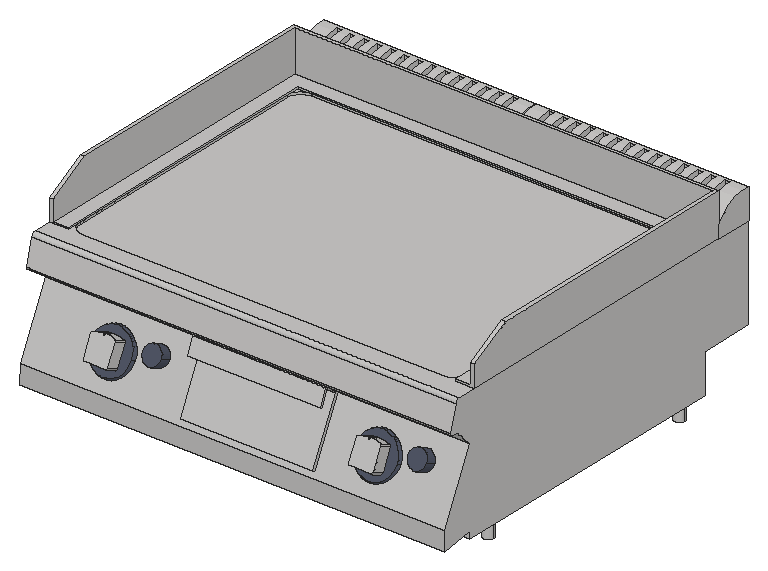
Revit family "QF_ZANUSSI_372038_Z7FTGHCS00", category Specialty Equipment, Revit 2018
Family settings
  Round Connector Dimension = Use Diameter
  Part Type = Normal
  Work Plane-Based = No
  Always vertical = Yes
  Cut with Voids When Loaded = No
  Shared = No
  Room Calculation Point = No
Parameters
  Width = 800 mm  # constant formula
  Weight in Pounds = 198  # constant formula
  Weight = 0.00 kg
  Watts = 0 W
  Volts = 0 V
  URL Manufacturer = "http://www.zanussiprofessional.com"
  URL Cutsheet = "www.electrolux.com/foodservice"
  URL = "http://www.zanussiprofessional.com"
  Type Mark [instance] = ""
  Steam Supply Size = 0"
  Steam Supply Minimum Pressure = 0.00 psi
  Steam Supply Maximum Pressure = 0.00 psi
  Steam Pounds per Hour = 0
  Status [instance] = ""
  Specification by User [instance] = ""
  Specification by Manufacturer = ""
  Show Logo [instance] = yes
  Show Clearance [instance] = yes
  Serial Number = ""
  Seismic Rating = ""
  SMACNA No = ""
  Revision Code [instance] = ""
  Refrigeration Suction Line Size = 0"
  Refrigeration Liquid Line Size = 0"
  Refrigerant Compressor Remote = yes
  Phase = 0
  Omniclass Number and Title = ""
  NAFEM Spec ID Number = ""
  Model = "Z7FTGHCS00"
  Mechanical Remarks = ""
  Mechanical Connection Type = ""
  Masterspec = ""
  Manufacturer = "Zanussi"
  Length Actual = 800 mm  # constant formula
  Item Number [instance] = "372038"
  Installed By [instance] = ""
  Identify Quantity as Lot [instance] = yes
  Hot Water Size = 0"
  Height Actual = 250 mm  # constant formula
  Height = 355 mm  # constant formula
  HP = "0 HP"
  Gas Size = 1/2"  # constant formula
  Gas RI Height [instance] = 0 mm
  Gas KW = 14  # constant formula
  Gas Input [instance] = 47726.0 Btu/h  # constant formula
  Gas Connection Height = 0 mm
  Furnished By [instance] = ""
  Foodservice Equipment Identifier [instance] = yes
  Direct Waste Size = 0"
  Description = "GAS FRY TOP-SMOOTH CHROME PLATE 800 MM"
  Depth Actual = 700 mm  # constant formula
  Depth = 715 mm  # constant formula
  Cycle = 0 Hz
  Condensate Return Size = 0"
  Compressed Air Volume = 0 GPM
  Compressed Air Size = 0"
  Compressed Air Pressure = 0.00 psi
  Cold Water Size = 0"
  CSI MasterFormat = ""
  CSI Master Format = ""
  Base Height [instance] = 24 mm  # constant formula
  Assembly Code = ""
  Accessory = yes
Reference planes
  plane 1 "BACK": y = 0
  plane 2: z = 0
  plane 3 "LEFT": x = 0
  plane 4 "RIGHT": x = 800
  plane 5 "FRONT": y = -715
  plane 6 "TOP": z = 288.925
  plane 7 "Center Y": x = 400
  plane 8 "Center X": y = -357.5
  plane 9 "BASE": z = 24
  plane 10 "TOP A": z = 274
  plane 11: y = -597.884
  plane 12: y = -147.637
  plane 13: z = 355
  plane 14: y = -700
  plane 15 "panel": through (-6096, -715, 65.146) normal (0, 0.8956, -0.4448)
Forms (mm)
  Extrusion 1, solid, material "QF_Finishes_Stainless Steel"
    sketch origin (0, 0, 0) x (0, 1, 0) y (0, 0, 1)
      loop
        line (0, 98) -> (0, 274) -> (-679.358, 274)
        arc (-679.358, 274) -> (-684.643, 271.811) -> (-686.833, 266.526) r 7.474
        line (-686.833, 266.526) -> (-699.884, 221.011)
        arc (-699.884, 221.011) -> (-699.396, 218.379) -> (-697, 217.184) r 3
        line (-697, 217.184) -> (-686.802, 217.184) -> (-654.982, 185.364) -> (-715, 64.508) -> (-715, 29.508) -> (-658.645, 37.428)
        arc (-658.645, 37.428) -> (-656.101, 36.674) -> (-655, 34.259) r 3.2
        line (-655, 34.259) -> (-655, 24) -> (-103, 24) -> (-103, 98) -> (0, 98)
    from 0 to 800
  Extrusion 2, void
    sketch origin (0, -2.381, 274) x (-1, 0, 0) y (0, -1, 0)
      loop
        arc (-60.425, 102.504) -> (-42.464, 109.943) -> (-35.025, 127.904) r 25.4
        line (-35.025, 127.904) -> (-35.025, 617.104)
        arc (-35.025, 617.104) -> (-42.464, 635.064) -> (-60.425, 642.504) r 25.4
        line (-60.425, 642.504) -> (-739.575, 642.504)
        arc (-739.575, 642.504) -> (-757.536, 635.064) -> (-764.975, 617.104) r 25.4
        line (-764.975, 617.104) -> (-764.975, 127.904)
        arc (-764.975, 127.904) -> (-757.536, 109.943) -> (-739.575, 102.504) r 25.4
        line (-739.575, 102.504) -> (-60.425, 102.504)
    from 0 to -3.2
  Extrusion 3, solid, material "QF_Finishes_Stainless Steel"
    sketch origin (0, 0, 0) x (1, 0, 0) y (0, 1, 0)
      loop
        circle (11.112, -147.638) r 9.525
      loop
        circle (11.112, -597.884) r 9.525
      loop
        circle (788.887, -147.638) r 9.525
      loop
        circle (788.887, -597.884) r 9.525
    from 0 to 24
  Extrusion 4, solid, material "QF_Finishes_Stainless Steel"
    sketch origin (0, -101.6, 101.6) x (0, 0, -1) y (-1, 0, 0)
      loop
        circle (43.694, -749.2) r 6.35
    from -1.4 to 3.175
  Extrusion 5, solid, material "QF_Finishes_Clearance", visible <- "Show Clearance", detail levels coarse
    sketch origin (0, 0, 0) x (1, 0, 0) y (0, 1, 0)
      loop
        line (0, -715) -> (0, 0) -> (800, 0) -> (800, -715) -> (950.019, -715) -> (950.019, 150.019) -> (-150.019, 150.019) -> (-150.019, -715) -> (0, -715)
    from 0 to 355
  Sweep 6, solid, material "QF_Finishes_Stainless Steel"
    path origin (0, -2.381, 274) x (-1, 0, 0) y (0, -1, 0)
      loop
        line (-764.975, 642.504) -> (-764.975, 102.504) -> (-35.025, 102.504) -> (-35.025, 642.504)
    profile origin (35.025, -374.885, 274) x (1, 0, 0) y (0, 0, 1)
      loop
        line (-35.025, 0) -> (0, 0) -> (0, 3.175) -> (-28.675, 3.175) -> (-28.675, 81) -> (-35.025, 81) -> (-35.025, 0)
  Extrusion 7, void
    sketch origin (0, -69.86, 274) x (0, 1, 0) y (0, 0, 1)
      loop
        line (-575.025, 41.119) -> (-501.995, 81) -> (-575.025, 81) -> (-575.025, 41.119)
    from 0 to 6.35
  Extrusion 8, void
    sketch origin (800, -644.885, 274) x (0, -1, 0) y (0, 0, 1)
      loop
        line (0, 41.119) -> (0, 81) -> (-73.03, 81) -> (0, 41.119)
    from 0 to 6.35
  Extrusion 9, solid, material "QF_Finishes_Stainless Steel"
    sketch origin (0, 0, 0) x (0, 1, 0) y (0, 0, 1)
      loop
        line (0, 274) -> (0, 331.492)
        arc (0, 331.492) -> (-38.8, 324.37) -> (-69.85, 300.038) r 82.447
        line (-69.85, 300.038) -> (-69.85, 274) -> (0, 274)
    from 0 to 400.05
  Extrusion 10, void
    sketch origin (0, 0, 274.638) x (0, -1, 0) y (1, 0, 0)
      loop
        line (6.761, 29.703) -> (63.911, 29.703) -> (63.911, 38.999) -> (6.761, 38.999) -> (6.761, 29.703)
      loop
        line (63.911, 64.487) -> (6.761, 64.487) -> (6.761, 55.191) -> (63.911, 55.191) -> (63.911, 64.487)
      loop
        line (63.911, 89.975) -> (6.761, 89.975) -> (6.761, 80.68) -> (63.911, 80.68) -> (63.911, 89.975)
      loop
        line (63.911, 115.464) -> (6.761, 115.464) -> (6.761, 106.168) -> (63.911, 106.168) -> (63.911, 115.464)
      loop
        line (63.911, 140.952) -> (6.761, 140.952) -> (6.761, 131.656) -> (63.911, 131.656) -> (63.911, 140.952)
      loop
        line (63.911, 166.44) -> (6.761, 166.44) -> (6.761, 157.145) -> (63.911, 157.145) -> (63.911, 166.44)
      loop
        line (63.911, 191.929) -> (6.761, 191.929) -> (6.761, 182.633) -> (63.911, 182.633) -> (63.911, 191.929)
      loop
        line (63.911, 217.417) -> (6.761, 217.417) -> (6.761, 208.121) -> (63.911, 208.121) -> (63.911, 217.417)
      loop
        line (63.911, 242.905) -> (6.761, 242.905) -> (6.761, 233.61) -> (63.911, 233.61) -> (63.911, 242.905)
      loop
        line (63.911, 268.394) -> (6.761, 268.394) -> (6.761, 259.098) -> (63.911, 259.098) -> (63.911, 268.394)
      loop
        line (63.911, 293.882) -> (6.761, 293.882) -> (6.761, 284.586) -> (63.911, 284.586) -> (63.911, 293.882)
      loop
        line (63.911, 319.37) -> (6.761, 319.37) -> (6.761, 310.075) -> (63.911, 310.075) -> (63.911, 319.37)
      loop
        line (63.911, 344.859) -> (6.761, 344.859) -> (6.761, 335.563) -> (63.911, 335.563) -> (63.911, 344.859)
      loop
        line (63.911, 370.347) -> (6.761, 370.347) -> (6.761, 361.051) -> (63.911, 361.051) -> (63.911, 370.347)
    from 25.4 to 63.5
  Extrusion 11, solid, material "QF_Finishes_Stainless Steel"
    sketch origin (400.05, 0, 0) x (0, 1, 0) y (0, 0, 1)
      loop
        line (0, 274) -> (0, 331.492)
        arc (0, 331.492) -> (-38.8, 324.37) -> (-69.85, 300.038) r 82.447
        line (-69.85, 300.038) -> (-69.85, 274) -> (0, 274)
    from 0 to 400.05
  Extrusion 12, void
    sketch origin (400.05, 0, 274.638) x (0, -1, 0) y (1, 0, 0)
      loop
        line (6.761, 29.653) -> (63.911, 29.653) -> (63.911, 38.949) -> (6.761, 38.949) -> (6.761, 29.653)
      loop
        line (63.911, 64.437) -> (6.761, 64.437) -> (6.761, 55.141) -> (63.911, 55.141) -> (63.911, 64.437)
      loop
        line (63.911, 89.925) -> (6.761, 89.925) -> (6.761, 80.63) -> (63.911, 80.63) -> (63.911, 89.925)
      loop
        line (63.911, 115.414) -> (6.761, 115.414) -> (6.761, 106.118) -> (63.911, 106.118) -> (63.911, 115.414)
      loop
        line (63.911, 140.902) -> (6.761, 140.902) -> (6.761, 131.606) -> (63.911, 131.606) -> (63.911, 140.902)
      loop
        line (63.911, 166.39) -> (6.761, 166.39) -> (6.761, 157.095) -> (63.911, 157.095) -> (63.911, 166.39)
      loop
        line (63.911, 191.879) -> (6.761, 191.879) -> (6.761, 182.583) -> (63.911, 182.583) -> (63.911, 191.879)
      loop
        line (63.911, 217.367) -> (6.761, 217.367) -> (6.761, 208.071) -> (63.911, 208.071) -> (63.911, 217.367)
      loop
        line (63.911, 242.855) -> (6.761, 242.855) -> (6.761, 233.56) -> (63.911, 233.56) -> (63.911, 242.855)
      loop
        line (63.911, 268.344) -> (6.761, 268.344) -> (6.761, 259.048) -> (63.911, 259.048) -> (63.911, 268.344)
      loop
        line (63.911, 293.832) -> (6.761, 293.832) -> (6.761, 284.536) -> (63.911, 284.536) -> (63.911, 293.832)
      loop
        line (63.911, 319.32) -> (6.761, 319.32) -> (6.761, 310.025) -> (63.911, 310.025) -> (63.911, 319.32)
      loop
        line (63.911, 344.809) -> (6.761, 344.809) -> (6.761, 335.513) -> (63.911, 335.513) -> (63.911, 344.809)
      loop
        line (63.911, 370.297) -> (6.761, 370.297) -> (6.761, 361.001) -> (63.911, 361.001) -> (63.911, 370.297)
    from 25.4 to 63.5
  Extrusion 13, solid, material "QF_Finishes_Stainless Steel"
    sketch origin (400, 0, 0) x (0, 1, 0) y (0, 0, 1)
      loop
        line (-655.161, 185.641) -> (-674.299, 204.778)
        arc (-674.299, 204.778) -> (-678.766, 206.181) -> (-682.47, 203.316) r 5.058
        line (-682.47, 203.316) -> (-695.132, 175.806) -> (-692.248, 174.479) -> (-679.586, 201.989)
        arc (-679.586, 201.989) -> (-678.207, 203.055) -> (-676.544, 202.533) r 1.883
        line (-676.544, 202.533) -> (-659.038, 185.028) -> (-712.559, 77.256) -> (-709.651, 75.918) -> (-655.161, 185.641)
    from -100 to 150
  Extrusion 14, solid, material "QF_Finishes_Drawer Clearance", visible <- "Show Clearance", detail levels coarse
    sketch origin (400, 0, 0) x (0, 1, 0) y (0, 0, 1)
      loop
        line (-778.814, 75.918) -> (-709.651, 75.918) -> (-655.161, 185.641) -> (-674.299, 204.778)
        arc (-674.299, 204.778) -> (-676.36, 206.027) -> (-678.766, 206.181) r 5.058
        line (-678.766, 206.181) -> (-747.93, 206.181)
        arc (-747.93, 206.181) -> (-750.133, 205.203) -> (-751.634, 203.316) r 5.058
        line (-751.634, 203.316) -> (-764.296, 175.806) -> (-761.412, 174.479) -> (-748.75, 201.989)
        arc (-748.75, 201.989) -> (-747.371, 203.055) -> (-745.708, 202.533) r 1.883
        line (-745.708, 202.533) -> (-728.202, 185.028) -> (-781.723, 77.256) -> (-778.814, 75.918)
    from -100 to 150
  Extrusion 15, solid, material "QF_Plastic-Black-Matte"
    sketch origin (592.6, -684.991, 125.574) x (0, 0.444781, 0.895639) y (0, 0.895639, -0.444781)
      loop
        line (26.984, -34) -> (23.984, -34) -> (23.984, -35) -> (26.984, -35)
        arc (26.984, -35) -> (27.691, -34.707) -> (27.984, -34) r 1
        line (27.984, -34) -> (27.984, -19) -> (26.984, -19) -> (26.984, -34)
    from -58.5 to -56.5
  Extrusion 16, solid, material "QF_Finishes_Stainless Steel"
    sketch origin (650.1, -684.991, 125.574) x (-1, 0, 0) y (0, -0.444781, -0.895639)
      loop
        line (17.6, -17.5) -> (17.6, 17.5) -> (-17.4, 17.5) -> (-17.4, -17.5) -> (17.6, -17.5)
    from 5 to 10
  Blend 17, solid, material "QF_Finishes_Navy Blue"
    base sketch origin (650.1, -684.991, 125.574) x (1, 0, 0) y (0, 0.444781, 0.895639)
      loop
        circle (-0.1, 0) r 42.5
    top sketch origin (650.1, -684.991, 125.574) x (1, 0, 0) y (0, 0.444781, 0.895639)
      loop
        circle (-0.1, 0) r 40.5
    from 0 to 5
  Extrusion 18, solid, material "QF_Finishes_Stainless Steel"
    sketch origin (650.1, -684.991, 125.574) x (-1, 0, 0) y (0, -0.444781, -0.895639)
      loop
        arc (-21.047, -22.789) -> (0.1, -26.984) -> (21.247, -22.789) r 55.4
        arc (21.247, -22.789) -> (22.594, -21.685) -> (23.1, -20.019) r 2.997
        line (23.1, -20.019) -> (23.1, 20.019)
        arc (23.1, 20.019) -> (22.222, 22.138) -> (20.103, 23.016) r 2.997
        line (20.103, 23.016) -> (-19.903, 23.016)
        arc (-19.903, 23.016) -> (-22.022, 22.138) -> (-22.9, 20.019) r 2.997
        line (-22.9, 20.019) -> (-22.9, -20.019)
        arc (-22.9, -20.019) -> (-22.394, -21.685) -> (-21.047, -22.789) r 2.997
    from 10 to 34
  Extrusion 19, solid, material "QF_Finishes_Navy Blue"
    sketch origin (789.101, -676.095, 143.486) x (1, 0, 0) y (0, 0.444781, 0.895639)
      loop
        circle (-55.101, 0) r 18
    from 3 to 23
  Extrusion 20, solid, material "QF_Finishes_Stainless Steel"
    sketch origin (650.1, -676.095, 143.486) x (1, 0, 0) y (0, 0.444781, 0.895639)
      loop
        circle (83.9, 0) r 15
    from 3 to 0
  Extrusion 21, solid, material "QF_Plastic-Black-Matte"
    sketch origin (92.5, -684.991, 125.574) x (0, 0.444781, 0.895639) y (0, 0.895639, -0.444781)
      loop
        line (26.984, -34) -> (23.984, -34) -> (23.984, -35) -> (26.984, -35)
        arc (26.984, -35) -> (27.691, -34.707) -> (27.984, -34) r 1
        line (27.984, -34) -> (27.984, -19) -> (26.984, -19) -> (26.984, -34)
    from -58.5 to -56.5
  Extrusion 22, solid, material "QF_Finishes_Stainless Steel"
    sketch origin (150, -684.991, 125.574) x (-1, 0, 0) y (0, -0.444781, -0.895639)
      loop
        line (17.5, -17.5) -> (17.5, 17.5) -> (-17.5, 17.5) -> (-17.5, -17.5) -> (17.5, -17.5)
    from 5 to 10
  Blend 23, solid, material "QF_Finishes_Navy Blue"
    base sketch origin (150, -684.991, 125.574) x (1, 0, 0) y (0, 0.444781, 0.895639)
      loop
        circle (0, 0) r 42.5
    top sketch origin (150, -684.991, 125.574) x (1, 0, 0) y (0, 0.444781, 0.895639)
      loop
        circle (0, 0) r 40.5
    from 0 to 5
  Extrusion 24, solid, material "QF_Finishes_Stainless Steel"
    sketch origin (150, -684.991, 125.574) x (-1, 0, 0) y (0, -0.444781, -0.895639)
      loop
        arc (-21.147, -22.789) -> (0, -26.984) -> (21.147, -22.789) r 55.4
        arc (21.147, -22.789) -> (22.494, -21.685) -> (23, -20.019) r 2.997
        line (23, -20.019) -> (23, 20.019)
        arc (23, 20.019) -> (22.122, 22.138) -> (20.003, 23.016) r 2.997
        line (20.003, 23.016) -> (-20.003, 23.016)
        arc (-20.003, 23.016) -> (-22.122, 22.138) -> (-23, 20.019) r 2.997
        line (-23, 20.019) -> (-23, -20.019)
        arc (-23, -20.019) -> (-22.494, -21.685) -> (-21.147, -22.789) r 2.997
    from 10 to 34
  Extrusion 25, solid, material "QF_Finishes_Navy Blue"
    sketch origin (289.001, -676.095, 143.486) x (1, 0, 0) y (0, 0.444781, 0.895639)
      loop
        circle (-55.051, 0) r 18
    from 3 to 23
  Extrusion 26, solid, material "QF_Finishes_Stainless Steel"
    sketch origin (150, -676.095, 143.486) x (1, 0, 0) y (0, 0.444781, 0.895639)
      loop
        circle (83.95, 0) r 15
    from 3 to 0
Cuts and joins
  Extrusion 2 cuts Extrusion 1
  Extrusion 7, Extrusion 8 cuts Sweep 6
  Extrusion 10 cuts Extrusion 9
  Extrusion 12 cuts Extrusion 11
Lines and regions (mm)
  Split face 1
    outline origin (656.001, -689.469, 127.797) x (1, 0, 0) y (0, 0.444781, 0.895639)
      loop
        line (-8.901, 38.561) -> (-8.901, 28.561) -> (-2.901, 28.561) -> (-2.901, 38.561) -> (-8.901, 38.561)
  Split face 2
    outline origin (656.001, -689.469, 127.797) x (1, 0, 0) y (0, 0.444781, 0.895639)
      loop
        line (-8.401, 38.061) -> (-8.401, 29.061) -> (-3.401, 29.061) -> (-3.401, 38.061) -> (-8.401, 38.061)
  Split face 3
    outline origin (656.001, -689.469, 127.797) x (1, 0, 0) y (0, 0.444781, 0.895639)
      loop
        line (-8.401, 33.561) -> (-3.401, 33.561)
  Split face 4
    outline origin (656.001, -689.469, 127.797) x (1, 0, 0) y (0, 0.444781, 0.895639)
      loop
        line (-8.401, 33.061) -> (-3.401, 33.061)
  Split face 5
    outline origin (656.001, -689.469, 127.797) x (1, 0, 0) y (0, 0.444781, 0.895639)
      loop
        circle (-5.901, 35.811) r 2.031
  Split face 6
    outline origin (650.1, -689.469, 127.797) x (1, 0, 0) y (0, 0.444781, 0.895639)
      loop
        circle (-24.487, 26.694) r 3.497
  Split face 7
    outline origin (650.1, -689.469, 127.797) x (1, 0, 0) y (0, 0.444781, 0.895639)
      loop
        circle (-33, 0) r 3
  Split face 8
    outline origin (650.1, -689.469, 127.797) x (1, 0, 0) y (0, 0.444781, 0.895639)
      loop
        circle (-17.8, -29.371) r 1.5
  Split face 9
    outline origin (155.901, -689.469, 127.797) x (1, 0, 0) y (0, 0.444781, 0.895639)
      loop
        line (-8.901, 38.561) -> (-8.901, 28.561) -> (-2.901, 28.561) -> (-2.901, 38.561) -> (-8.901, 38.561)
  Split face 10
    outline origin (155.901, -689.469, 127.797) x (1, 0, 0) y (0, 0.444781, 0.895639)
      loop
        line (-8.401, 38.061) -> (-8.401, 29.061) -> (-3.401, 29.061) -> (-3.401, 38.061) -> (-8.401, 38.061)
  Split face 11
    outline origin (155.901, -689.469, 127.797) x (1, 0, 0) y (0, 0.444781, 0.895639)
      loop
        line (-8.401, 33.561) -> (-3.401, 33.561)
  Split face 12
    outline origin (155.901, -689.469, 127.797) x (1, 0, 0) y (0, 0.444781, 0.895639)
      loop
        line (-8.401, 33.061) -> (-3.401, 33.061)
  Split face 13
    outline origin (155.901, -689.469, 127.797) x (1, 0, 0) y (0, 0.444781, 0.895639)
      loop
        circle (-5.901, 35.811) r 2.031
  Split face 14
    outline origin (150, -689.469, 127.797) x (1, 0, 0) y (0, 0.444781, 0.895639)
      loop
        circle (-24.487, 26.694) r 3.497
  Split face 15
    outline origin (150, -689.469, 127.797) x (1, 0, 0) y (0, 0.444781, 0.895639)
      loop
        circle (-33, 0) r 3
  Split face 16
    outline origin (150, -689.469, 127.797) x (1, 0, 0) y (0, 0.444781, 0.895639)
      loop
        circle (-17.8, -29.371) r 1.5
  symbolic lines, style "QF-Clearances", visible <- "Show Clearance", detail levels coarse
    curve 1: line (-150.019, 150.019, 274) -> (-150.019, -715, 274)
    curve 2: line (950.019, 150.019, 274) -> (-150.019, 150.019, 274)
    curve 3: line (950.019, -716.377, 274) -> (950.019, 150.019, 274)
  symbolic lines
    curve 4: line (0, 0, 274) -> (800, 0, 274)
    curve 5: line (0, -715, 274) -> (0, 0, 274)
    curve 6: line (800, 0, 274) -> (800, -715, 274)
    curve 7: line (35.025, -104.885, 274) -> (35.025, -644.885, 274)
    curve 8: arc (35.025, -619.485, 274) -> (42.464, -637.445, 274) -> (60.425, -644.885, 274) r 25.4
    curve 9: line (0, -644.885, 274) -> (35.025, -644.885, 274)
    curve 10: arc (739.215, -644.885, 274) -> (757.736, -637.213, 274) -> (765.407, -618.692, 274) r 26.193
    curve 11: line (765.407, -644.885, 274) -> (765.407, -104.885, 274)
    curve 12: line (765.407, -104.885, 274) -> (35.025, -104.885, 274)
    curve 13: line (0, -69.85, 274) -> (800, -69.85, 274)
    curve 14: arc (64.125, -104.885, 274) -> (43.548, -113.408, 274) -> (35.025, -133.985, 274) r 29.1
    curve 15: arc (739.863, -104.885, 274) -> (757.926, -112.367, 274) -> (765.407, -130.429, 274) r 25.544
    curve 16: line (6.35, -76.21, 274) -> (6.35, -644.885, 274)
    curve 17: line (6.35, -76.21, 274) -> (793.65, -76.21, 274)
    curve 18: line (793.65, -76.21, 274) -> (793.65, -644.885, 274)
    curve 19: line (765.407, -644.885, 274) -> (800, -644.885, 274)
    curve 20: line (60.425, -644.885, 274) -> (739.215, -644.885, 274)
    curve 24: line (0, 0, 274.638) -> (800, 0, 274.638)
    curve 25: line (0, -69.85, 274.638) -> (800, -69.85, 274.638)
    curve 26: line (29.703, -6.761, 0) -> (38.999, -6.761, 0)
    curve 27: line (29.703, -63.911, 0) -> (29.703, -6.761, 0)
    curve 28: line (38.999, -63.911, 0) -> (29.703, -63.911, 0)
    curve 29: line (38.999, -6.761, 0) -> (38.999, -63.911, 0)
    curve 30: line (55.191, -6.761, 0) -> (64.487, -6.761, 0)
    curve 31: line (55.191, -63.911, 0) -> (55.191, -6.761, 0)
    curve 32: line (64.487, -63.911, 0) -> (55.191, -63.911, 0)
    curve 33: line (64.487, -6.761, 0) -> (64.487, -63.911, 0)
    curve 34: line (80.68, -6.761, 0) -> (89.975, -6.761, 0)
    curve 35: line (80.68, -63.911, 0) -> (80.68, -6.761, 0)
    curve 36: line (89.975, -63.911, 0) -> (80.68, -63.911, 0)
    curve 37: line (89.975, -6.761, 0) -> (89.975, -63.911, 0)
    curve 38: line (106.168, -6.761, 0) -> (115.464, -6.761, 0)
    curve 39: line (106.168, -63.911, 0) -> (106.168, -6.761, 0)
    curve 40: line (115.464, -63.911, 0) -> (106.168, -63.911, 0)
    curve 41: line (115.464, -6.761, 0) -> (115.464, -63.911, 0)
    curve 42: line (131.656, -6.761, 0) -> (140.952, -6.761, 0)
    curve 43: line (131.656, -63.911, 0) -> (131.656, -6.761, 0)
    curve 44: line (140.952, -63.911, 0) -> (131.656, -63.911, 0)
    curve 45: line (140.952, -6.761, 0) -> (140.952, -63.911, 0)
    curve 46: line (157.145, -6.761, 0) -> (166.44, -6.761, 0)
    curve 47: line (157.145, -63.911, 0) -> (157.145, -6.761, 0)
    curve 48: line (166.44, -63.911, 0) -> (157.145, -63.911, 0)
    curve 49: line (166.44, -6.761, 0) -> (166.44, -63.911, 0)
    curve 50: line (182.633, -6.761, 0) -> (191.929, -6.761, 0)
    curve 51: line (182.633, -63.911, 0) -> (182.633, -6.761, 0)
    curve 52: line (191.929, -63.911, 0) -> (182.633, -63.911, 0)
    curve 53: line (191.929, -6.761, 0) -> (191.929, -63.911, 0)
    curve 54: line (208.121, -6.761, 0) -> (217.417, -6.761, 0)
    curve 55: line (208.121, -63.911, 0) -> (208.121, -6.761, 0)
    curve 56: line (217.417, -63.911, 0) -> (208.121, -63.911, 0)
    curve 57: line (217.417, -6.761, 0) -> (217.417, -63.911, 0)
    curve 58: line (233.61, -6.761, 0) -> (242.905, -6.761, 0)
    curve 59: line (233.61, -63.911, 0) -> (233.61, -6.761, 0)
    curve 60: line (242.905, -63.911, 0) -> (233.61, -63.911, 0)
    curve 61: line (242.905, -6.761, 0) -> (242.905, -63.911, 0)
    curve 62: line (259.098, -6.761, 0) -> (268.394, -6.761, 0)
    curve 63: line (259.098, -63.911, 0) -> (259.098, -6.761, 0)
    curve 64: line (268.394, -63.911, 0) -> (259.098, -63.911, 0)
    curve 65: line (268.394, -6.761, 0) -> (268.394, -63.911, 0)
    curve 66: line (284.586, -6.761, 0) -> (293.882, -6.761, 0)
    curve 67: line (284.586, -63.911, 0) -> (284.586, -6.761, 0)
    curve 68: line (293.882, -63.911, 0) -> (284.586, -63.911, 0)
    curve 69: line (293.882, -6.761, 0) -> (293.882, -63.911, 0)
    curve 70: line (310.075, -6.761, 0) -> (319.37, -6.761, 0)
    curve 71: line (310.075, -63.911, 0) -> (310.075, -6.761, 0)
    curve 72: line (319.37, -63.911, 0) -> (310.075, -63.911, 0)
    curve 73: line (319.37, -6.761, 0) -> (319.37, -63.911, 0)
    curve 74: line (335.563, -6.761, 0) -> (344.859, -6.761, 0)
    curve 75: line (335.563, -63.911, 0) -> (335.563, -6.761, 0)
    curve 76: line (344.859, -63.911, 0) -> (335.563, -63.911, 0)
    curve 77: line (344.859, -6.761, 0) -> (344.859, -63.911, 0)
    curve 78: line (361.051, -6.761, 0) -> (370.347, -6.761, 0)
    curve 79: line (361.051, -63.911, 0) -> (361.051, -6.761, 0)
    curve 80: line (370.347, -63.911, 0) -> (361.051, -63.911, 0)
    curve 81: line (370.347, -6.761, 0) -> (370.347, -63.911, 0)
    curve 82: line (400, 0, 0) -> (400, -69.85, 0)
    curve 83: line (770.347, -6.761, 0) -> (761.051, -6.761, 0)
    curve 84: line (770.347, -63.911, 0) -> (770.347, -6.761, 0)
    curve 85: line (761.051, -63.911, 0) -> (770.347, -63.911, 0)
    curve 86: line (761.051, -6.761, 0) -> (761.051, -63.911, 0)
    curve 87: line (744.859, -6.761, 0) -> (735.563, -6.761, 0)
    curve 88: line (744.859, -63.911, 0) -> (744.859, -6.761, 0)
    curve 89: line (735.563, -63.911, 0) -> (744.859, -63.911, 0)
    curve 90: line (735.563, -6.761, 0) -> (735.563, -63.911, 0)
    curve 91: line (719.37, -6.761, 0) -> (710.075, -6.761, 0)
    curve 92: line (719.37, -63.911, 0) -> (719.37, -6.761, 0)
    curve 93: line (710.075, -63.911, 0) -> (719.37, -63.911, 0)
    curve 94: line (710.075, -6.761, 0) -> (710.075, -63.911, 0)
    curve 95: line (693.882, -6.761, 0) -> (684.586, -6.761, 0)
    curve 96: line (693.882, -63.911, 0) -> (693.882, -6.761, 0)
    curve 97: line (684.586, -63.911, 0) -> (693.882, -63.911, 0)
    curve 98: line (684.586, -6.761, 0) -> (684.586, -63.911, 0)
    curve 99: line (668.394, -6.761, 0) -> (659.098, -6.761, 0)
    curve 100: line (668.394, -63.911, 0) -> (668.394, -6.761, 0)
    curve 101: line (659.098, -63.911, 0) -> (668.394, -63.911, 0)
    curve 102: line (659.098, -6.761, 0) -> (659.098, -63.911, 0)
    curve 103: line (642.905, -6.761, 0) -> (633.61, -6.761, 0)
    curve 104: line (642.905, -63.911, 0) -> (642.905, -6.761, 0)
    curve 105: line (633.61, -63.911, 0) -> (642.905, -63.911, 0)
    curve 106: line (633.61, -6.761, 0) -> (633.61, -63.911, 0)
    curve 107: line (617.417, -6.761, 0) -> (608.121, -6.761, 0)
    curve 108: line (617.417, -63.911, 0) -> (617.417, -6.761, 0)
    curve 109: line (608.121, -63.911, 0) -> (617.417, -63.911, 0)
    curve 110: line (608.121, -6.761, 0) -> (608.121, -63.911, 0)
    curve 111: line (591.929, -6.761, 0) -> (582.633, -6.761, 0)
    curve 112: line (591.929, -63.911, 0) -> (591.929, -6.761, 0)
    curve 113: line (582.633, -63.911, 0) -> (591.929, -63.911, 0)
    curve 114: line (582.633, -6.761, 0) -> (582.633, -63.911, 0)
    curve 115: line (566.44, -6.761, 0) -> (557.145, -6.761, 0)
    curve 116: line (566.44, -63.911, 0) -> (566.44, -6.761, 0)
    curve 117: line (557.145, -63.911, 0) -> (566.44, -63.911, 0)
    curve 118: line (557.145, -6.761, 0) -> (557.145, -63.911, 0)
    curve 119: line (540.952, -6.761, 0) -> (531.656, -6.761, 0)
    curve 120: line (540.952, -63.911, 0) -> (540.952, -6.761, 0)
    curve 121: line (531.656, -63.911, 0) -> (540.952, -63.911, 0)
    curve 122: line (531.656, -6.761, 0) -> (531.656, -63.911, 0)
    curve 123: line (515.464, -6.761, 0) -> (506.168, -6.761, 0)
    curve 124: line (515.464, -63.911, 0) -> (515.464, -6.761, 0)
    curve 125: line (506.168, -63.911, 0) -> (515.464, -63.911, 0)
    curve 126: line (506.168, -6.761, 0) -> (506.168, -63.911, 0)
    curve 127: line (489.975, -6.761, 0) -> (480.68, -6.761, 0)
    curve 128: line (489.975, -63.911, 0) -> (489.975, -6.761, 0)
    curve 129: line (480.68, -63.911, 0) -> (489.975, -63.911, 0)
    curve 130: line (480.68, -6.761, 0) -> (480.68, -63.911, 0)
    curve 131: line (464.487, -6.761, 0) -> (455.191, -6.761, 0)
    curve 132: line (464.487, -63.911, 0) -> (464.487, -6.761, 0)
    curve 133: line (455.191, -63.911, 0) -> (464.487, -63.911, 0)
    curve 134: line (455.191, -6.761, 0) -> (455.191, -63.911, 0)
    curve 135: line (438.999, -6.761, 0) -> (429.703, -6.761, 0)
    curve 136: line (438.999, -63.911, 0) -> (438.999, -6.761, 0)
    curve 137: line (429.703, -63.911, 0) -> (438.999, -63.911, 0)
    curve 138: line (429.703, -6.761, 0) -> (429.703, -63.911, 0)
    curve 139: line (0, -700, 0) -> (800, -700, 0)
    curve 140: line (673, -700, 0) -> (673, -724.347, 0)
    curve 141: arc (673, -724.347, 0) -> (672.854, -724.811, 0) -> (672.468, -725.107, 0) r 0.809
    curve 142: arc (672.468, -725.107, 0) -> (671.28, -725.587, 0) -> (670.003, -725.68, 0) r 4.127
    curve 143: arc (673, -704.292, 0) -> (678.041, -702.458, 0) -> (682.809, -700, 0) r 42.24
    curve 144: arc (673, -706.539, 0) -> (672.498, -705.818, 0) -> (671.701, -705.448, 0) r 1.682
    curve 145: arc (671.701, -705.448, 0) -> (661.398, -703.95, 0) -> (651, -703.441, 0) r 109.079
    curve 146: line (651, -700, 0) -> (651, -705.671, 0)
    curve 147: line (651, -705.671, 0) -> (649, -705.671, 0)
    curve 148: line (649, -705.671, 0) -> (649, -700, 0)
    curve 149: line (627, -700, 0) -> (627, -724.347, 0)
    curve 150: arc (627, -724.347, 0) -> (627.146, -724.811, 0) -> (627.532, -725.107, 0) r 0.809
    curve 151: arc (627.532, -725.107, 0) -> (628.72, -725.587, 0) -> (629.997, -725.68, 0) r 4.127
    curve 152: arc (627, -704.292, 0) -> (621.959, -702.458, 0) -> (617.191, -700, 0) r 42.24
    curve 153: arc (627, -706.539, 0) -> (627.502, -705.818, 0) -> (628.299, -705.448, 0) r 1.682
    curve 154: arc (628.299, -705.448, 0) -> (638.602, -703.95, 0) -> (649, -703.441, 0) r 109.079
    curve 155: line (670.003, -725.68, 0) -> (629.997, -725.68, 0)
    curve 156: line (173, -715, 0) -> (627, -715, 0)
    curve 157: line (673, -715, 0) -> (800, -715, 0)
    curve 158: spline (717.605, -700, 0) -> (719.313, -701.323, 0) -> (721.554, -702.479, 0) -> (724.247, -703.424, 0) -> (727.294, -704.125, 0) -> (730.585, -704.556, 0) -> (734, -704.701, 0) -> (737.415, -704.556, 0) -> (740.706, -704.125, 0) -> (743.753, -703.424, 0) -> (746.446, -702.479, 0) -> (748.687, -701.323, 0) -> (750.395, -700, 0)
    curve 159: line (300, -715, 0) -> (300, -700, 0)
    curve 160: line (549.95, -715, 0) -> (549.95, -700, 0)
    curve 161: line (173, -700, 0) -> (173, -724.347, 0)
    curve 162: arc (173, -724.347, 0) -> (172.854, -724.811, 0) -> (172.468, -725.107, 0) r 0.809
    curve 163: arc (172.468, -725.107, 0) -> (171.28, -725.587, 0) -> (170.003, -725.68, 0) r 4.127
    curve 164: arc (173, -704.292, 0) -> (178.041, -702.458, 0) -> (182.809, -700, 0) r 42.24
    curve 165: arc (173, -706.539, 0) -> (172.498, -705.818, 0) -> (171.701, -705.448, 0) r 1.682
    curve 166: arc (171.701, -705.448, 0) -> (161.398, -703.95, 0) -> (151, -703.441, 0) r 109.079
    curve 167: line (151, -700, 0) -> (151, -705.671, 0)
    curve 168: line (151, -705.671, 0) -> (149, -705.671, 0)
    curve 169: line (149, -705.671, 0) -> (149, -700, 0)
    curve 170: line (127, -700, 0) -> (127, -724.347, 0)
    curve 171: arc (127, -724.347, 0) -> (127.146, -724.811, 0) -> (127.532, -725.107, 0) r 0.809
    curve 172: arc (127.532, -725.107, 0) -> (128.72, -725.587, 0) -> (129.997, -725.68, 0) r 4.127
    curve 173: arc (127, -704.292, 0) -> (121.959, -702.458, 0) -> (117.191, -700, 0) r 42.24
    curve 174: arc (127, -706.539, 0) -> (127.502, -705.818, 0) -> (128.299, -705.448, 0) r 1.682
    curve 175: arc (128.299, -705.448, 0) -> (138.602, -703.95, 0) -> (149, -703.441, 0) r 109.079
    curve 176: line (170.003, -725.68, 0) -> (129.997, -725.68, 0)
    curve 177: spline (217.605, -700, 0) -> (219.313, -701.323, 0) -> (221.554, -702.479, 0) -> (224.247, -703.424, 0) -> (227.294, -704.125, 0) -> (230.585, -704.556, 0) -> (234, -704.701, 0) -> (237.415, -704.556, 0) -> (240.706, -704.125, 0) -> (243.753, -703.424, 0) -> (246.446, -702.479, 0) -> (248.687, -701.323, 0) -> (250.395, -700, 0)
    curve 178: line (127, -715, 0) -> (0, -715, 0)
  symbolic lines, style "QF_Drawer Clearance"
    curve 21: line (300, -767.387, 0) -> (300, -715, 0)
    curve 22: line (300, -767.387, 0) -> (550, -767.387, 0)
    curve 23: line (550, -767.387, 0) -> (550, -715, 0)
Dimensions and locks
  equal spacing: plane 3 "LEFT", plane 7 "Center Y", plane 4 "RIGHT"
  "Width": plane 3 "LEFT" to plane 4 "RIGHT"
  equal spacing: plane 5 "FRONT", plane 8 "Center X", plane 1 "BACK"
  "Depth": plane 5 "FRONT" to plane 1 "BACK"
  plane 1 "BACK" to plane 5 "FRONT" = 715 mm
  "Base Height": plane 9 "BASE" to level
  plane 4 "RIGHT" to Extrusion 4 sketch curve = 50.8 mm
  Sweep 6 sketch curve to level = 355 mm
  plane 10 "TOP A" to plane 9 "BASE" = 250 mm  (x2)
  plane 9 "BASE" to level = 24 mm
  "Height": plane 13 to level
  plane 1 "BACK" to plane 14 = 700 mm
  aligned and locked: level to plane 2
  aligned and locked: plane 4 "RIGHT" to Extrusion 1
  aligned and locked: plane 9 "BASE" to Extrusion 3
  aligned: plane 6 "TOP" to Extrusion 5
Automatic sketch dimensions
  Extrusion 9 sketch curve to plane 10 "TOP A" = 0 mm
  Extrusion 9 sketch curve to plane 1 "BACK" = 0 mm
  plane 1 "BACK" to Extrusion 9 sketch curve = 4.947 mm
  plane 6 "TOP" to Extrusion 9 sketch curve = 11.113 mm
  plane 1 "BACK" to Extrusion 9 sketch curve = 69.85 mm
  Extrusion 9 sketch curve to plane 10 "TOP A" = 24.807 mm
  Extrusion 11 sketch curve to plane 10 "TOP A" = 0 mm
  Extrusion 11 sketch curve to plane 1 "BACK" = 0 mm
  plane 1 "BACK" to Extrusion 11 sketch curve = 4.947 mm
  plane 6 "TOP" to Extrusion 11 sketch curve = 11.113 mm
  plane 1 "BACK" to Extrusion 11 sketch curve = 69.85 mm
  Extrusion 11 sketch curve to plane 10 "TOP A" = 24.807 mm
  plane 1 "BACK" to Extrusion 12 sketch curve = 6.761 mm  (x14)
  Extrusion 12 sketch curve to Extrusion 12 sketch curve = 57.15 mm
  Extrusion 12 sketch curve to Extrusion 12 sketch curve = 0 mm  (x13)
  plane 7 "Center Y" to Extrusion 12 sketch curve = 29.703 mm
  Extrusion 12 sketch curve to Extrusion 12 sketch curve = 9.296 mm  (x14)
  Extrusion 12 sketch curve to Extrusion 12 sketch curve = 16.193 mm  (x13)
  Extrusion 15 sketch curve to plane 15 "panel" = 35 mm
  plane 14 to Extrusion 15 sketch curve = 5.671 mm
  Extrusion 15 sketch curve to Extrusion 15 sketch curve = 3 mm
  Extrusion 15 sketch curve to Extrusion 15 sketch curve = 0 mm
  Extrusion 15 sketch curve to Extrusion 15 sketch curve = 1 mm  (x2)
  Extrusion 15 sketch curve to Extrusion 15 sketch curve = 15 mm
  Extrusion 21 sketch curve to plane 15 "panel" = 35 mm
  plane 14 to Extrusion 21 sketch curve = 5.671 mm
  Extrusion 21 sketch curve to Extrusion 21 sketch curve = 3 mm
  Extrusion 21 sketch curve to Extrusion 21 sketch curve = 0 mm
  Extrusion 21 sketch curve to Extrusion 21 sketch curve = 1 mm  (x2)
  Extrusion 21 sketch curve to Extrusion 21 sketch curve = 15 mm
  Extrusion 25 sketch curve to plane 7 "Center Y" = 166.05 mm
  Extrusion 26 sketch curve to plane 7 "Center Y" = 166.05 mm
  Extrusion 14 sketch curve to Extrusion 14 sketch curve = 0 mm  (x2)
  plane 15 "panel" to Extrusion 14 sketch curve = 0 mm  (x2)
  plane 5 "FRONT" to Extrusion 14 sketch curve = 66.723 mm
  Extrusion 14 sketch curve to Extrusion 14 sketch curve = 2.908 mm
  plane 5 "FRONT" to Extrusion 14 sketch curve = 49.296 mm
  Extrusion 14 sketch curve to Extrusion 14 sketch curve = 2.884 mm  (x2)
  Extrusion 14 sketch curve to Extrusion 14 sketch curve = 12.662 mm
  Extrusion 14 sketch curve to Extrusion 14 sketch curve = 0.82 mm
  Extrusion 14 sketch curve to Extrusion 14 sketch curve = 1.711 mm
  Extrusion 14 sketch curve to Extrusion 14 sketch curve = 1.332 mm
  plane 5 "FRONT" to Extrusion 14 sketch curve = 13.202 mm
  Extrusion 14 sketch curve to plane 5 "FRONT" = 5.349 mm
  Extrusion 14 sketch curve to plane 14 = 21.234 mm
  Extrusion 14 sketch curve to Extrusion 14 sketch curve = 0.891 mm
  Extrusion 14 sketch curve to Extrusion 14 sketch curve = 4.467 mm
  Extrusion 14 sketch curve to Extrusion 14 sketch curve = 19.137 mm
  Extrusion 14 sketch curve to Extrusion 14 sketch curve = 1.339 mm
  Extrusion 14 sketch curve to Extrusion 14 sketch curve = 97.223 mm
  Extrusion 14 sketch curve to Extrusion 14 sketch curve = 1.327 mm
  Extrusion 14 sketch curve to Extrusion 14 sketch curve = 16.961 mm
  Extrusion 14 sketch curve to Extrusion 14 sketch curve = 0.787 mm
  Extrusion 14 sketch curve to Extrusion 14 sketch curve = 4.979 mm
  Extrusion 13 sketch curve to Extrusion 13 sketch curve = 0 mm  (x2)
  plane 15 "panel" to Extrusion 13 sketch curve = 0 mm  (x2)
  Extrusion 13 sketch curve to plane 5 "FRONT" = 2.441 mm
  Extrusion 13 sketch curve to Extrusion 13 sketch curve = 2.908 mm
  Extrusion 13 sketch curve to plane 14 = 4.868 mm
  Extrusion 13 sketch curve to Extrusion 13 sketch curve = 2.884 mm  (x2)
  Extrusion 13 sketch curve to plane 14 = 17.53 mm
  Extrusion 13 sketch curve to Extrusion 13 sketch curve = 1.711 mm
  Extrusion 13 sketch curve to Extrusion 13 sketch curve = 1.332 mm
  Extrusion 13 sketch curve to Extrusion 13 sketch curve = 2.245 mm
  Extrusion 13 sketch curve to Extrusion 13 sketch curve = 17.505 mm
  Extrusion 13 sketch curve to Extrusion 13 sketch curve = 3.877 mm
  Extrusion 13 sketch curve to Extrusion 13 sketch curve = 1.339 mm
  Extrusion 13 sketch curve to Extrusion 13 sketch curve = 11.162 mm
  Extrusion 13 sketch curve to Extrusion 13 sketch curve = 1.327 mm
  Extrusion 13 sketch curve to Extrusion 13 sketch curve = 0.613 mm
  Extrusion 13 sketch curve to Extrusion 13 sketch curve = 0.787 mm
  Extrusion 2 sketch curve to plane 4 "RIGHT" = 35.025 mm
  Extrusion 2 sketch curve to Extrusion 2 sketch curve = 25.4 mm  (x3)
  Extrusion 2 sketch curve to plane 12 = 17.353 mm
  plane 3 "LEFT" to Extrusion 2 sketch curve = 60.425 mm  (x2)
  plane 11 to Extrusion 2 sketch curve = 21.6 mm
  plane 11 to Extrusion 3 sketch curve = 0 mm  (x2)
  plane 12 to Extrusion 3 sketch curve = 0 mm  (x2)
  plane 3 "LEFT" to Extrusion 3 sketch curve = 11.112 mm  (x2)
  Extrusion 3 sketch curve to plane 4 "RIGHT" = 11.113 mm  (x2)
  plane 9 "BASE" to Extrusion 4 sketch curve = 33.906 mm
  plane 5 "FRONT" to Extrusion 5 sketch curve = 0 mm  (x2)
  plane 1 "BACK" to Extrusion 5 sketch curve = 0 mm
  Extrusion 5 sketch curve to plane 3 "LEFT" = 0 mm
  Extrusion 5 sketch curve to plane 4 "RIGHT" = 0 mm
  Extrusion 5 sketch curve to plane 3 "LEFT" = 150.019 mm
  plane 4 "RIGHT" to Extrusion 5 sketch curve = 150.019 mm
  Extrusion 5 sketch curve to plane 1 "BACK" = 150.019 mm
  plane 1 "BACK" to curve 6 = 0 mm
  curve 6 to plane 4 "RIGHT" = 0 mm
  curve 13 to plane 3 "LEFT" = 0 mm
  plane 5 "FRONT" to curve 1 = 0 mm
  plane 5 "FRONT" to curve 5 = 0 mm
  plane 5 "FRONT" to curve 6 = 0 mm
  plane 4 "RIGHT" to curve 3 = 150.019 mm
  curve 17 to plane 4 "RIGHT" = 6.35 mm
  curve 11 to plane 4 "RIGHT" = 34.593 mm
  curve 15 to plane 12 = 17.209 mm
  curve 15 to curve 15 = 25.544 mm
  plane 11 to curve 10 = 20.807 mm
  curve 10 to curve 10 = 26.193 mm
  curve 14 to plane 12 = 13.653 mm
  plane 3 "LEFT" to curve 14 = 64.125 mm
  curve 20 to curve 7 = 25.4 mm
  plane 3 "LEFT" to curve 16 = 6.35 mm
  curve 2 to plane 3 "LEFT" = 150.019 mm
  curve 1 to plane 1 "BACK" = 150.019 mm
  curve 17 to curve 11 = 28.675 mm
  curve 8 to curve 7 = 25.4 mm
  curve 10 to curve 19 = 26.193 mm
  curve 13 to curve 17 = 6.36 mm
  plane 5 "FRONT" to curve 3 = 1.377 mm
  Sweep 6 sketch curve to plane 4 "RIGHT" = 35.025 mm
  plane 3 "LEFT" to Sweep 6 sketch curve = 35.025 mm
  Sweep 6 sketch curve to plane 12 = 42.753 mm
  plane 11 to Sweep 6 sketch curve = 47 mm  (x2)
  Sweep 6 sketch curve to plane 10 "TOP A" = 0 mm
  profile plane to Sweep 6 sketch curve = 0 mm
  profile plane to Sweep 6 sketch curve = 28.675 mm
  Sweep 6 sketch curve to Sweep 6 sketch curve = 6.35 mm
  plane 10 "TOP A" to Sweep 6 sketch curve = 3.175 mm
  Extrusion 7 sketch curve to Sweep 6 = 0 mm  (x2)
  Extrusion 7 sketch curve to Sweep 6 = 73.03 mm
  Extrusion 7 sketch curve to Extrusion 7 sketch curve = 39.881 mm
  Sweep 6 to Extrusion 8 sketch curve = 0 mm
  Extrusion 8 sketch curve to Sweep 6 = 0 mm
  Extrusion 8 sketch curve to Extrusion 8 sketch curve = 73.03 mm
  Extrusion 8 sketch curve to Extrusion 8 sketch curve = 39.881 mm
  plane 1 "BACK" to Extrusion 10 sketch curve = 6.761 mm  (x14)
  Extrusion 10 sketch curve to Extrusion 10 sketch curve = 57.15 mm
  Extrusion 10 sketch curve to Extrusion 10 sketch curve = 0 mm  (x13)
  plane 3 "LEFT" to Extrusion 10 sketch curve = 29.703 mm
  Extrusion 10 sketch curve to Extrusion 10 sketch curve = 9.296 mm  (x14)
  Extrusion 10 sketch curve to Extrusion 10 sketch curve = 16.193 mm  (x13)
  plane 1 "BACK" to curve 24 = 0 mm
  curve 24 to plane 4 "RIGHT" = 0 mm
  curve 25 to plane 4 "RIGHT" = 0 mm
  curve 25 to plane 3 "LEFT" = 0 mm
  curve 24 to plane 3 "LEFT" = 0 mm
  curve 24 to curve 25 = 69.85 mm
  Extrusion 16 sketch curve to plane 4 "RIGHT" = 132.5 mm
  Extrusion 16 sketch curve to Extrusion 16 sketch curve = 35 mm  (x2)
  Blend 17 sketch curve to plane 4 "RIGHT" = 150 mm  (x2)
  Extrusion 18 sketch curve to plane 4 "RIGHT" = 127 mm
  Extrusion 18 sketch curve to Extrusion 18 sketch curve = 2.997 mm  (x3)
  Extrusion 18 sketch curve to Extrusion 18 sketch curve = 20.003 mm  (x2)
  Extrusion 18 sketch curve to Extrusion 18 sketch curve = 40.005 mm
  Extrusion 18 sketch curve to Extrusion 18 sketch curve = 0 mm  (x2)
  Extrusion 18 sketch curve to Extrusion 18 sketch curve = 40.037 mm
  Extrusion 18 sketch curve to Extrusion 18 sketch curve = 5.399 mm
  Split face 1 sketch curve to Split face 1 sketch curve = 6 mm
  Split face 1 sketch curve to Split face 1 sketch curve = 10 mm
  Split face 2 sketch curve to Split face 2 sketch curve = 5 mm
  Split face 2 sketch curve to Split face 2 sketch curve = 9 mm
  Split face 3 sketch curve to Split face 3 sketch curve = 5 mm
  Split face 4 sketch curve to Split face 4 sketch curve = 5 mm
  Extrusion 19 sketch curve to plane 4 "RIGHT" = 66 mm
  Extrusion 20 sketch curve to plane 4 "RIGHT" = 66 mm
  plane 3 "LEFT" to Extrusion 22 sketch curve = 167.5 mm
  Extrusion 22 sketch curve to Extrusion 22 sketch curve = 35 mm  (x2)
  plane 3 "LEFT" to Blend 23 sketch curve = 150 mm  (x2)
  plane 3 "LEFT" to Extrusion 24 sketch curve = 173 mm
  Extrusion 24 sketch curve to Extrusion 24 sketch curve = 2.997 mm  (x3)
  Extrusion 24 sketch curve to Extrusion 24 sketch curve = 20.003 mm  (x2)
  Extrusion 24 sketch curve to Extrusion 24 sketch curve = 40.005 mm
  Extrusion 24 sketch curve to Extrusion 24 sketch curve = 0 mm  (x2)
  Extrusion 24 sketch curve to Extrusion 24 sketch curve = 40.037 mm
  Extrusion 24 sketch curve to Extrusion 24 sketch curve = 5.399 mm
  Split face 9 sketch curve to Split face 9 sketch curve = 6 mm
  Split face 9 sketch curve to Split face 9 sketch curve = 10 mm
  Split face 10 sketch curve to Split face 10 sketch curve = 5 mm
  Split face 10 sketch curve to Split face 10 sketch curve = 9 mm
  Split face 11 sketch curve to Split face 11 sketch curve = 5 mm
  Split face 12 sketch curve to Split face 12 sketch curve = 5 mm
  curve 178 to plane 3 "LEFT" = 0 mm
  curve 139 to plane 3 "LEFT" = 0 mm
  plane 5 "FRONT" to curve 21 = 0 mm
  curve 82 to plane 7 "Center Y" = 0 mm
  curve 139 to plane 4 "RIGHT" = 0 mm
  curve 157 to plane 4 "RIGHT" = 0 mm
  plane 1 "BACK" to curve 82 = 0 mm
  plane 3 "LEFT" to curve 28 = 29.703 mm
  curve 26 to curve 26 = 9.296 mm
  plane 1 "BACK" to curve 30 = 6.761 mm
  curve 26 to curve 30 = 16.193 mm
  curve 30 to curve 30 = 9.296 mm
  plane 1 "BACK" to curve 35 = 6.761 mm
  curve 30 to curve 35 = 16.193 mm
  curve 34 to curve 34 = 9.296 mm
  plane 1 "BACK" to curve 39 = 6.761 mm
  curve 34 to curve 39 = 16.193 mm
  curve 38 to curve 38 = 9.296 mm
  plane 3 "LEFT" to curve 170 = 127 mm
  curve 171 to curve 171 = 0.809 mm
  curve 174 to curve 174 = 1.583 mm
  curve 171 to curve 172 = 1.846 mm
  curve 171 to curve 176 = 2.189 mm
  plane 1 "BACK" to curve 42 = 6.761 mm
  curve 38 to curve 42 = 16.193 mm
  curve 170 to curve 173 = 11.892 mm
  curve 42 to curve 42 = 9.296 mm
  curve 174 to curve 169 = 20.417 mm
  curve 172 to curve 175 = 19.134 mm
  curve 175 to curve 166 = 1.738 mm
  curve 168 to curve 168 = 2 mm
  plane 1 "BACK" to curve 46 = 6.761 mm
  curve 42 to curve 46 = 16.193 mm
  curve 173 to curve 164 = 22.215 mm
  curve 47 to curve 48 = 9.296 mm
  curve 167 to curve 176 = 19.003 mm
  curve 163 to curve 163 = 0.343 mm
  curve 163 to curve 165 = 1.071 mm
  curve 163 to curve 162 = 2.189 mm
  curve 162 to curve 161 = 0.809 mm
  plane 1 "BACK" to curve 51 = 6.761 mm
  curve 46 to curve 51 = 16.193 mm
  curve 50 to curve 53 = 9.296 mm
  curve 52 to curve 55 = 16.193 mm
  curve 54 to curve 54 = 9.296 mm
  curve 56 to curve 59 = 16.193 mm
  curve 58 to curve 61 = 9.296 mm
  plane 1 "BACK" to curve 62 = 6.761 mm
  curve 58 to curve 62 = 16.193 mm
  curve 62 to curve 62 = 9.296 mm
  plane 1 "BACK" to curve 67 = 6.761 mm
  curve 62 to curve 67 = 16.193 mm
  curve 66 to curve 66 = 9.296 mm
  curve 22 to plane 7 "Center Y" = 100 mm
  curve 68 to curve 72 = 16.193 mm
  curve 71 to curve 72 = 9.296 mm
  curve 72 to curve 76 = 16.193 mm
  curve 74 to curve 77 = 9.296 mm
  curve 76 to curve 80 = 16.193 mm
  curve 79 to curve 80 = 9.296 mm
  plane 7 "Center Y" to curve 138 = 29.703 mm
  curve 137 to curve 136 = 9.296 mm
  curve 136 to curve 134 = 16.193 mm
  curve 133 to curve 132 = 9.296 mm
  plane 1 "BACK" to curve 130 = 6.761 mm
  curve 131 to curve 130 = 16.193 mm
  curve 129 to curve 128 = 9.296 mm
  curve 128 to curve 126 = 16.193 mm
  curve 123 to curve 123 = 9.296 mm
  curve 124 to curve 122 = 16.193 mm
  curve 121 to curve 120 = 9.296 mm
  plane 5 "FRONT" to curve 23 = 52.387 mm
  plane 7 "Center Y" to curve 23 = 150 mm
  curve 120 to curve 118 = 16.193 mm
  curve 115 to curve 115 = 9.296 mm
  plane 1 "BACK" to curve 114 = 6.761 mm
  curve 115 to curve 114 = 16.193 mm
  curve 113 to curve 113 = 9.296 mm
  curve 112 to curve 110 = 16.193 mm
  curve 107 to curve 108 = 9.296 mm
  curve 149 to plane 4 "RIGHT" = 173 mm
  curve 150 to curve 150 = 0.809 mm
  curve 153 to curve 153 = 1.583 mm
  curve 150 to curve 151 = 1.846 mm
  curve 150 to curve 155 = 2.189 mm
  curve 108 to curve 105 = 16.193 mm
  curve 149 to curve 152 = 11.892 mm
  curve 105 to curve 105 = 9.296 mm
  curve 153 to curve 148 = 20.417 mm
  curve 155 to curve 154 = 19.134 mm
  curve 154 to curve 145 = 1.738 mm
  curve 147 to curve 147 = 2 mm
  plane 1 "BACK" to curve 99 = 6.761 mm
  curve 103 to curve 99 = 16.193 mm
  curve 152 to curve 143 = 22.215 mm
  curve 101 to curve 100 = 9.296 mm
  curve 146 to curve 155 = 19.003 mm
  curve 142 to curve 142 = 0.343 mm
  curve 142 to curve 144 = 1.071 mm
  curve 142 to curve 141 = 2.189 mm
  curve 141 to curve 140 = 0.809 mm
  plane 1 "BACK" to curve 98 = 6.761 mm
  curve 99 to curve 98 = 16.193 mm
  curve 97 to curve 97 = 9.296 mm
  curve 96 to curve 94 = 16.193 mm
  curve 93 to curve 92 = 9.296 mm
  curve 92 to curve 89 = 16.193 mm
  curve 87 to curve 87 = 9.296 mm
  curve 88 to curve 86 = 16.193 mm
  curve 85 to curve 85 = 9.296 mm
  curve 173 to plane 5 "FRONT" = 51.239 mm
  curve 173 to curve 164 = 0 mm
  curve 152 to curve 143 = 0 mm
  curve 168 to curve 173 = 41.91 mm
  curve 147 to curve 152 = 41.91 mm
  curve 174 to curve 168 = 1.435 mm
  curve 144 to curve 146 = 1.435 mm
  curve 165 to curve 167 = 1.435 mm
  curve 153 to curve 147 = 1.435 mm
  curve 172 to curve 174 = 14.462 mm
  curve 142 to curve 144 = 14.462 mm
  curve 163 to curve 165 = 14.462 mm
  curve 151 to curve 153 = 14.462 mm
  curve 161 to curve 163 = 2.779 mm
  curve 150 to curve 151 = 2.779 mm
  curve 140 to curve 142 = 2.779 mm
  curve 170 to curve 172 = 2.779 mm
  curve 155 to curve 141 = 1.333 mm
  curve 176 to curve 162 = 1.333 mm
  curve 166 to curve 176 = 86.839 mm
  curve 175 to curve 166 = 0 mm  (x2)
  curve 145 to curve 155 = 86.839 mm
  curve 154 to curve 145 = 0 mm  (x2)
  plane 1 "BACK" to curve 80 = 63.911 mm
  curve 27 to curve 30 = 57.15 mm
  plane 1 "BACK" to curve 84 = 63.911 mm
  curve 28 to curve 31 = 0 mm
  curve 88 to curve 85 = 0 mm
  curve 32 to curve 35 = 0 mm
  curve 92 to curve 89 = 0 mm
  curve 36 to curve 39 = 0 mm
  curve 96 to curve 93 = 0 mm
  curve 40 to curve 43 = 0 mm
  curve 100 to curve 97 = 0 mm
  curve 44 to curve 47 = 0 mm
  curve 104 to curve 101 = 0 mm
  curve 48 to curve 51 = 0 mm
  curve 108 to curve 105 = 0 mm
  curve 52 to curve 55 = 0 mm
  curve 112 to curve 109 = 0 mm
  curve 56 to curve 59 = 0 mm
  curve 116 to curve 113 = 0 mm
  curve 60 to curve 63 = 0 mm
  curve 120 to curve 117 = 0 mm
  curve 64 to curve 67 = 0 mm
  curve 124 to curve 121 = 0 mm
  curve 68 to curve 71 = 0 mm
  curve 128 to curve 125 = 0 mm
  curve 72 to curve 75 = 0 mm
  curve 132 to curve 129 = 0 mm
  curve 138 to curve 133 = 0 mm
  plane 1 "BACK" to curve 136 = 6.761 mm
  plane 1 "BACK" to curve 78 = 6.761 mm
  plane 1 "BACK" to curve 77 = 6.761 mm
  plane 1 "BACK" to curve 134 = 6.761 mm
  plane 1 "BACK" to curve 73 = 6.761 mm
  plane 1 "BACK" to curve 126 = 6.761 mm
  plane 1 "BACK" to curve 122 = 6.761 mm
  plane 1 "BACK" to curve 61 = 6.761 mm
  plane 1 "BACK" to curve 118 = 6.761 mm
  plane 1 "BACK" to curve 57 = 6.761 mm
  plane 1 "BACK" to curve 110 = 6.761 mm
  plane 1 "BACK" to curve 106 = 6.761 mm
  plane 1 "BACK" to curve 94 = 6.761 mm
  plane 1 "BACK" to curve 90 = 6.761 mm
  plane 1 "BACK" to curve 86 = 6.761 mm
  plane 1 "BACK" to curve 29 = 6.761 mm
  curve 173 to curve 170 = 9.809 mm
  curve 174 to curve 174 = 0.284 mm
  curve 165 to curve 166 = 0.284 mm
  curve 161 to curve 164 = 9.809 mm
  curve 164 to curve 177 = 34.796 mm
  curve 177 to curve 177 = 16.395 mm
  curve 177 to curve 177 = 1.605 mm
  curve 159 to plane 7 "Center Y" = 100 mm
  curve 160 to curve 156 = 77.05 mm
  curve 152 to curve 149 = 9.809 mm
  curve 153 to curve 153 = 0.284 mm
  curve 144 to curve 145 = 0.284 mm
  curve 140 to curve 143 = 9.809 mm
  curve 143 to curve 158 = 34.796 mm
  curve 158 to curve 158 = 16.395 mm
  curve 158 to curve 158 = 1.605 mm
  curve 144 to curve 158 = 10.411 mm
  curve 165 to curve 177 = 10.411 mm
  curve 174 to curve 139 = 7.106 mm
  curve 168 to curve 175 = 2.23 mm
  curve 146 to curve 145 = 2.23 mm
  curve 178 to curve 139 = 15 mm
  curve 151 to curve 156 = 6.567 mm
  curve 157 to curve 139 = 15 mm
  curve 82 to curve 80 = 5.939 mm
  plane 11 to Extrusion 1 sketch curve = 117.116 mm
  plane 11 to Extrusion 1 sketch curve = 101.999 mm
  Extrusion 1 sketch curve to Extrusion 1 sketch curve = 2.884 mm
  Extrusion 1 sketch curve to plane 13 = 88.474 mm
  Extrusion 1 sketch curve to Extrusion 1 sketch curve = 13.051 mm
  Extrusion 1 sketch curve to plane 13 = 137.816 mm
  Extrusion 1 sketch curve to Extrusion 1 sketch curve = 10.198 mm
  Extrusion 1 sketch curve to Extrusion 1 sketch curve = 7.474 mm
  Extrusion 1 sketch curve to Extrusion 1 sketch curve = 56.355 mm
  Extrusion 1 sketch curve to Extrusion 1 sketch curve = 0.445 mm
  Extrusion 1 sketch curve to Extrusion 1 sketch curve = 3.2 mm
  Extrusion 1 sketch curve to plane 6 "TOP" = 103.561 mm
  Extrusion 1 sketch curve to Extrusion 1 sketch curve = 31.82 mm
  plane 1 "BACK" to Extrusion 1 sketch curve = 103 mm
  Extrusion 1 sketch curve to plane 1 "BACK" = 0 mm
  Extrusion 1 sketch curve to plane 10 "TOP A" = 176 mm
  Extrusion 1 sketch curve to plane 10 "TOP A" = 209.492 mm
  Extrusion 1 sketch curve to Extrusion 1 sketch curve = 27.08 mm
  Extrusion 1 sketch curve to Extrusion 1 sketch curve = 35 mm
  Extrusion 1 sketch curve to Extrusion 1 sketch curve = 74 mm
  Extrusion 1 sketch curve to Extrusion 1 sketch curve = 3 mm
  radius of Extrusion 25 sketch curve = 18 mm
  radius of Extrusion 26 sketch curve = 15 mm
  radius of Extrusion 3 sketch curve = 9.525 mm  (x4)
  radius of Extrusion 4 sketch curve = 6.35 mm
  radius of Blend 17 sketch curve = 42.5 mm
  radius of Blend 17 sketch curve = 40.5 mm
  radius of Split face 5 sketch curve = 2.031 mm
  radius of Split face 6 sketch curve = 3.497 mm
  radius of Split face 7 sketch curve = 3 mm
  radius of Split face 8 sketch curve = 1.5 mm
  radius of Extrusion 19 sketch curve = 18 mm
  radius of Extrusion 20 sketch curve = 15 mm
  radius of Blend 23 sketch curve = 42.5 mm
  radius of Blend 23 sketch curve = 40.5 mm
  radius of Split face 13 sketch curve = 2.031 mm
  radius of Split face 14 sketch curve = 3.497 mm
  radius of Split face 15 sketch curve = 3 mm
  radius of Split face 16 sketch curve = 1.5 mm
Connectors
  piping at (749.2, -98.425, 57.906), diameter 12.7, driven by "Gas Size"
    settings: on Extrusion 4, index 1, connector inside diameter 0.50394", connector length 0 mm, flow factor 0, pipe flow 0 GPM, pressure drop 0.00 psi, fitting loss kfactor 0, connector angle 0.00°, fixture units 0, engagement length 0 mm, angle of deflection 0.00°, flow configuration 1, flow direction 1, fitting loss method 0, system type 7, joint type 0, gender type 0, connector reference index -1, connector utility 0, adjustable connector no, is connector primary yes, connector description "Gas Connection"
